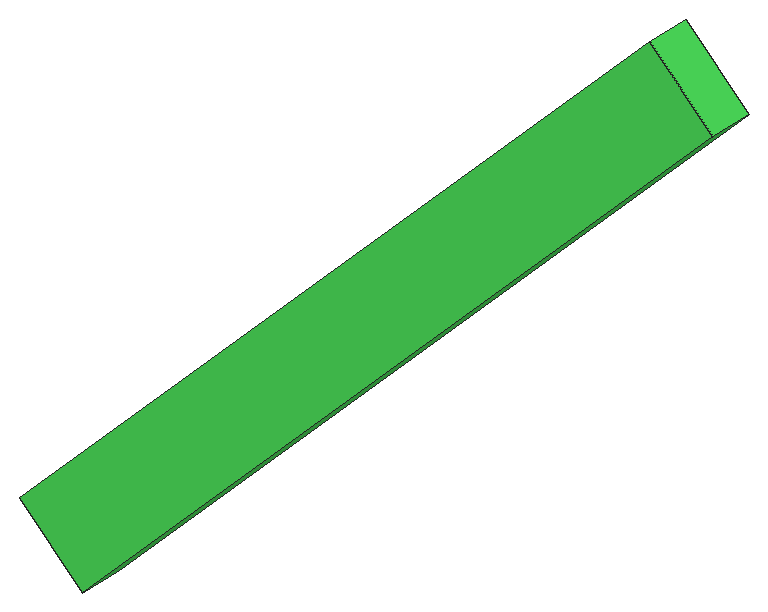
Revit family "機器サポート_溝形鋼", category Generic Models, Revit 2020
Family settings
  Can host rebar = No
  Round Connector Dimension = Use Diameter
  Part Type = Normal
  Work Plane-Based = Yes
  Always vertical = No
  Cut with Voids When Loaded = No
  Shared = No
  Room Calculation Point = No
Parameters (values of type "C 100 x 50")
  高さ = 100 mm
  長辺 [instance] = 長さ  # 1000 mm
  長さ [instance] = 1000 mm
  部屋名 = ""
  角度 [instance] = 45.00°
  Default Elevation = 1219.2 mm
  構造マテリアル = E003_機器サポート
  幅 = 50 mm
Types (10, lengths in mm): name | 高さ | 幅
  C 100 x 50 | 100 | 50
  C 125 x 65 | 125 | 65
  C 150 x 75 | 150 | 75
  C 180 x 75 | 180 | 75
  C 200 x 80 | 200 | 80
  C 200 x 90 | 200 | 90
  C 250 x 90 | 250 | 90
  C 300 x 90 | 300 | 90
  C 380 x 100 | 380 | 100
  C 75 x 40 | 75 | 40
Reference planes
  plane 1 "中心(正面/背面)": y = 0
  plane 2: z = 0
  plane 3 "中心(左/右)": x = 0
Lines and regions (mm)
  reference lines
    curve 1: line (0, 0, 0) -> (777.817, 0, 777.817)
    curve 2: line (35.355, 0, -35.355) -> (-35.355, 0, 35.355)
    curve 3: line (742.462, 0, 671.751) -> (671.751, 0, 742.462)
Dimensions and locks
  equal spacing: curve 2, curve 1, curve 2
  "高さ": curve 2 to curve 2
  equal spacing: curve 3, curve 1, curve 3
  "高さ": curve 3 to curve 3
  "長さ": curve 3 to curve 2
  "角度": angle level to curve 1
  angle curve 2 to curve 1 = 90.00°
  angle curve 3 to curve 1 = 90.00°
  aligned and locked: level to plane 2
  aligned and locked: level to curve 1
  aligned and locked: plane 3 "中心(左/右)" to curve 1
  aligned and locked: nested 1 to curve 1
Nested families
  nested 1: "溝形鋼" at (-35.355, 0, 35.355) x (0, 1, 0) z (0.7071, 0, -0.7071), 長さ <- "長さ", type "C 100 x 50"
    with 長辺 1000 mm, 長さ 1000 mm, 高さ 100 mm, 幅 50 mm
Definition of nested family "溝形鋼"
  Parameters (values of type "Ｈ 150 x 150")
    高さ = 150 mm
    長辺 [instance] = 長さ  # 500 mm
    長さ [instance] = 500 mm
    部屋名 = ""
    Default Elevation = 1219.2 mm
    構造マテリアル = none
    幅 = 150 mm
  Types (33, lengths in mm): name | 高さ | 長辺 | 長さ | 幅
    Ｈ 900 x 300 | 900 | 1000 | 1000 | 300
    Ｈ 800 x 300 | 800 | 1000 | 1000 | 300
    Ｈ 700 x 300 | 700 | 1000 | 1000 | 300
    Ｈ 588 x 300 | 588 | 1000 | 1000 | 300
    Ｈ 600 x 200 | 600 | 1000 | 1000 | 200
    Ｈ 488 x 300 | 488 | 1000 | 1000 | 300
    Ｈ 500 x 200 | 500 | 1000 | 1000 | 200
    Ｈ 440 x 300 | 440 | 1000 | 1000 | 300
    Ｈ 450 x 200 | 450 | 1000 | 1000 | 200
    Ｈ 400 x 400 | 400 | 1000 | 1000 | 400
    Ｈ 390 x 300 | 390 | 1000 | 1000 | 300
    Ｈ 400 x 200 | 400 | 1000 | 1000 | 200
    Ｈ 350 x 350 | 350 | 1000 | 1000 | 350
    Ｈ 340 x 250 | 340 | 1000 | 1000 | 250
    Ｈ 294 x 200 | 294 | 1000 | 1000 | 200
    Ｈ 244 x 175 | 244 | 1000 | 1000 | 175
    Ｈ 350 x 175 | 350 | 1000 | 1000 | 175
    Ｈ 300 x 300 | 300 | 1000 | 1000 | 300
    Ｈ 300 x 150 | 300 | 500 | 500 | 150
    Ｈ 250 x 250 | 250 | 500 | 500 | 250
    Ｈ 250 x 125 | 250 | 500 | 500 | 125
    Ｈ 200 x 200 | 200 | 500 | 500 | 200
    Ｈ 194 x 150 | 194 | 500 | 500 | 150
    Ｈ 200 x 100 | 200 | 500 | 500 | 100
    Ｈ 175 x 175 | 175 | 500 | 500 | 175
    Ｈ 175 x 90 | 175 | 500 | 500 | 90
    Ｈ 150 x 150 | 150 | 500 | 500 | 150
    Ｈ 148 x 100 | 148 | 500 | 500 | 100
    Ｈ 150 x 75 | 150 | 500 | 500 | 75
    Ｈ 125 x 125 | 125 | 500 | 500 | 125
    Ｈ 125 x 60 | 125 | 500 | 500 | 60
    Ｈ 100 x100 | 100 | 500 | 500 | 100
    Ｈ 100 x 50 | 100 | 500 | 500 | 50
  Reference planes
    plane 1 "中心(正面/背面)": y = 0
    plane 2: z = 0
    plane 3 "中心(左/右)": x = 0
    plane 4: z = 75
    plane 5: z = 150
  Forms (mm)
    Extrusion 1, solid, material <- "構造マテリアル"
      sketch origin (0, 0, 0) x (1, 0, 0) y (0, 1, 0)
        loop
          line (-75, 500) -> (-75, 0) -> (75, 0) -> (75, 500) -> (-75, 500)
      from 0 to 150
  Lines and regions (mm)
    reference lines
      curve 1: line (75, 500, 0) -> (-75, 500, 0)
      curve 2: line (75, 0, 0) -> (-75, 0, 0)
  Dimensions and locks
    "長さ": curve 1 to curve 2
    "幅": Extrusion 1 to Extrusion 1
    equal spacing: Extrusion 1, plane 3 "中心(左/右)", Extrusion 1
    "幅": curve 1 to curve 1
    equal spacing: curve 1, plane 3 "中心(左/右)", curve 1
    "幅": curve 2 to curve 2
    equal spacing: curve 2, plane 3 "中心(左/右)", curve 2
    equal spacing: plane 5, plane 4, level
    "高さ": plane 5 to level
    aligned and locked: level to plane 2
    aligned and locked: Extrusion 1 to curve 2
    aligned and locked: curve 1 to Extrusion 1
    aligned and locked: plane 5 to Extrusion 1
  Automatic sketch dimensions
    Extrusion 1 sketch curve to plane 3 "中心(左/右)" = 75 mm
    plane 3 "中心(左/右)" to Extrusion 1 sketch curve = 75 mm
    plane 1 "中心(正面/背面)" to Extrusion 1 sketch curve = 0 mm
    Extrusion 1 sketch curve to plane 1 "中心(正面/背面)" = 500 mm
    plane 1 "中心(正面/背面)" to curve 2 = 0 mm
